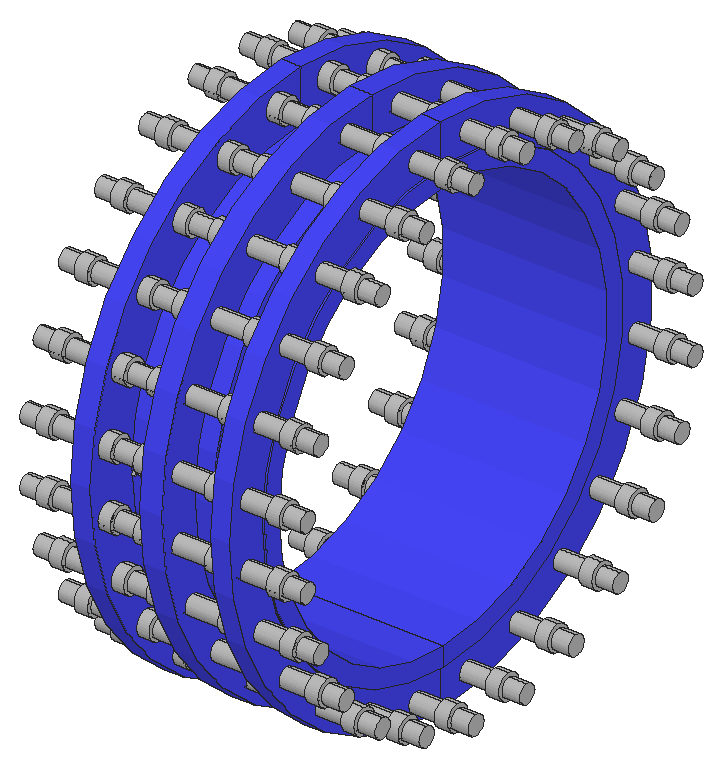
Revit family "265-91-001 DN700-800", category Pipe Accessories, Revit 2022
Family settings
  Round Connector Dimension = Use Diameter
  Part Type = Valve - Breaks Into
  Work Plane-Based = No
  Always vertical = Yes
  Cut with Voids When Loaded = No
  Shared = No
Parameters (values of type "DN800_PN16")
  raised_R = D * 0.85  # 435.625 mm
  offset = S11 - S  # 12.6 mm
  URL_product_pages = "https://www.avkvalves.com/P.aspx?no=265900401014036400"
  T1 = FL_T * 0.75  # 32.25 mm
  T = FL_T * 0.3  # 12.9 mm
  Search_table = "265-91-001 DN700-800"
  S11 = S * 1.35  # 48.6 mm
  S = size_lookup(Search_table, "S", 0 mm, DN)  # 36 mm
  Raised_dis = size_lookup(Search_table, "Raised_dis", 0 mm, DN)  # 5 mm
  PN = size_lookup(Search_table, "PN", 0 mm, DN)  # 16 mm
  PCD = size_lookup(Search_table, "PCD", 0 mm, DN) / 2  # 475 mm
  Nut_T = FL_T * 0.6  # 25.8 mm
  L3 = FL_T / 2  # 21.5 mm
  L2 = L * 0.065  # 35.425 mm
  L11 = size_lookup(Search_table, "L11", 0 mm, DN)  # 320 mm
  L1 = L11 * 0.68  # 217.6 mm
  FL_T/2 = FL_T / 2  # 21.5 mm
  L = size_lookup(Search_table, "L", 0 mm, DN)  # 545 mm
  FL_T = size_lookup(Search_table, "FL_T", 0 mm, DN)  # 43 mm
  Description_ = "AVK DISMANTLING JOINT WITH CENTRE FLANGE, PN10/16"
  Default Elevation = 0 mm
  DN800_PN10 = "265-9-0800-11-04036401"
  DN800_PN16 = "265-9-0800-10-14036400"
  DN700_PN10 = "265-9-0700-11-04036401"
  DN700_PN16 = "265-9-0700-10-14036400"
  DN = 800 mm
  D = size_lookup(Search_table, "D", 0 mm, DN) / 2  # 512.5 mm
  Bore = DN / 2  # 400 mm
  Bolt.no = size_lookup(Search_table, "Bolt.no", 0 mm, DN)  # 24 mm
  B1 = L * 0.08  # 43.6 mm
  25 = 25 mm  # constant formula
Types (5, lengths in mm): name | raised_R | offset | T1 | T | S11 | S | PN | PCD | Nut_T | L3 | L2 | L11 | L1 | FL_T/2 | L | FL_T | DN | D | Bore | B1
  (no name) | 435.625 | 12.6 | 32.25 | 12.9 | 48.6 | 36 | 16 | 475 | 25.8 | 21.5 | 35.425 | 320 | 217.6 | 21.5 | 545 | 43 | 800 | 512.5 | 400 | 43.6
  DN700_PN16 | 386.75 | 11.55 | 29.625 | 11.85 | 44.55 | 33 | 16 | 420 | 23.7 | 19.75 | 33.475 | 300 | 204 | 19.75 | 515 | 39.5 | 700 | 455 | 350 | 41.2
  DN700_PN10 | 380.375 | 9.45 | 26.25 | 10.5 | 36.45 | 27 | 10 | 420 | 21 | 17.5 | 27.95 | 260 | 176.8 | 17.5 | 430 | 35 | 700.1 | 447.5 | 350.05 | 34.4
  DN800_PN16 | 435.625 | 12.6 | 32.25 | 12.9 | 48.6 | 36 | 16 | 475 | 25.8 | 21.5 | 35.425 | 320 | 217.6 | 21.5 | 545 | 43 | 800 | 512.5 | 400 | 43.6
  DN800_PN10 | 431.375 | 10.5 | 28.125 | 11.25 | 40.5 | 30 | 10 | 475 | 22.5 | 18.75 | 31.2 | 290 | 197.2 | 18.75 | 480 | 37.5 | 800.1 | 507.5 | 400.05 | 38.4
Reference planes
  plane 1 "Center (Front/Back)": y = 0
  plane 2: z = 0
  plane 3 "Center (Left/Right)": x = 0
  plane 4: z = 512.5
  plane 5: z = -512.5
  plane 6: x = -160
  plane 7: x = 160
  plane 8: x = -160
  plane 9: x = 160
  plane 10: z = 400
  plane 11: y = 475
  plane 12: y = -475
  plane 13: z = 475
  plane 14: z = -475
  plane 15: x = -272.5
  plane 16: x = 272.5
  plane 17: x = 117
  plane 18: x = -237.075
  plane 19: x = 237.075
  plane 20: x = -117
  plane 21: x = -21.5
  plane 22: x = -211.275
  plane 23: x = -91.2
  plane 24: x = -47.3
  plane 25: x = 91.2
  plane 26: x = 211.275
  plane 27: z = 0
  plane 28: z = 0
  plane 29: y = 0.002
  plane 30: z = 0
  plane 31: y = 0
  plane 32: z = 320
  plane 33: z = 225
  plane 34: z = 292.5
  plane 35: z = 0
  plane 36: z = 0
  plane 37: through (4267.2, -250.34, 32.958) normal (0, 0.1305, 0.9914)
  plane 38: through (4267.2, -250.34, -32.958) normal (0, -0.1305, 0.9914)
  plane 39: through (0, 0, 0) normal (0, 0.2588, -0.9659)
  plane 40: through (4267.2, -233.28, -96.628) normal (0, -0.3827, 0.9239)
  plane 41: through (0, 0, 0) normal (0, 0.5, -0.866)
  plane 42: through (4267.2, -200.322, -153.712) normal (0, -0.6088, 0.7934)
  plane 43: through (0, 0, 0) normal (0, 0.7071, -0.7071)
  plane 44: through (4267.2, -153.712, -200.322) normal (0, -0.7934, 0.6088)
  plane 45: through (0, 0, 0) normal (0, 0.866, -0.5)
  plane 46: through (4267.2, -96.628, -233.28) normal (0, -0.9239, 0.3827)
  plane 47: through (0, 0, 0) normal (0, 0.9659, -0.2588)
  plane 48: through (4267.2, -32.958, -250.34) normal (0, -0.9914, 0.1305)
  plane 49: through (4267.2, 250.34, -32.958) normal (0, -0.1305, -0.9914)
  plane 50: through (0, 0, 0) normal (0, 0.2588, 0.9659)
  plane 51: through (4267.2, 233.28, -96.628) normal (0, -0.3827, -0.9239)
  plane 52: through (0, 0, 0) normal (0, 0.5, 0.866)
  plane 53: through (4267.2, 200.322, -153.712) normal (0, -0.6088, -0.7934)
  plane 54: through (0, 0, 0) normal (0, 0.7071, 0.7071)
  plane 55: through (4267.2, 153.712, -200.322) normal (0, -0.7934, -0.6088)
  plane 56: through (0, 0, 0) normal (0, 0.866, 0.5)
  plane 57: through (4267.2, 96.628, -233.28) normal (0, -0.9239, -0.3827)
  plane 58: through (0, 0, 0) normal (0, 0.9659, 0.2588)
  plane 59: through (4267.2, 32.958, -250.34) normal (0, -0.9914, -0.1305)
Forms (mm)
  Revolve 1, solid, material "Laminate, Blue, Matte"
    sketch origin (0, 0, 0) x (1, 0, 0) y (0, 0, 1)
      loop
        line (-160, 435.625) -> (-160, 400) -> (160, 400) -> (160, 435.625) -> (155, 435.625) -> (155, 512.5) -> (117, 512.5) -> (117, 412.9) -> (-117, 412.9) -> (-117, 512.5) -> (-155, 512.5) -> (-155, 435.625) -> (-160, 435.625)
      axis (-160, 0) -> (160, 0)
    angle from 0 to 360
  Revolve 2, solid, material "Laminate, Blue, Matte"
    sketch origin (0, 0, 0) x (1, 0, 0) y (0, 0, 1)
      loop
        line (-21.5, 512.5) -> (-21.5, 412.9) -> (57.6, 412.9) -> (57.6, 432.25) -> (21.5, 432.25) -> (21.5, 512.5) -> (-21.5, 512.5)
      axis (-21.5, 0) -> (57.6, 0)
    angle from 0 to 360
  Extrusion 3, solid, material "Stainless Steel AISI 304"
    sketch origin (-237.075, -1524, 188.585) x (0, 0, 1) y (0, -1, 0)
      loop
        circle (282.352, -1586) r 24.3
      loop
        circle (282.352, -1462) r 24.3
      loop
        circle (250.258, -1342.225) r 24.3
      loop
        circle (188.258, -1234.838) r 24.3
      loop
        circle (100.577, -1147.157) r 24.3
      loop
        circle (250.258, -1705.775) r 24.3
      loop
        circle (188.258, -1813.162) r 24.3
      loop
        circle (100.577, -1900.843) r 24.3
      loop
        circle (-6.81, -1962.843) r 24.3
      loop
        circle (-126.585, -1994.936) r 24.3
      loop
        circle (-6.81, -1085.157) r 24.3
      loop
        circle (-126.585, -1053.064) r 24.3
      loop
        circle (-250.585, -1053.064) r 24.3
      loop
        circle (-370.359, -1085.157) r 24.3
      loop
        circle (-477.746, -1147.157) r 24.3
      loop
        circle (-565.428, -1234.838) r 24.3
      loop
        circle (-627.427, -1342.225) r 24.3
      loop
        circle (-659.521, -1462) r 24.3
      loop
        circle (-659.521, -1586) r 24.3
      loop
        circle (-627.427, -1705.775) r 24.3
      loop
        circle (-565.428, -1813.162) r 24.3
      loop
        circle (-477.746, -1900.843) r 24.3
      loop
        circle (-370.359, -1962.843) r 24.3
      loop
        circle (-250.585, -1994.936) r 24.3
    from 145.875 to 120.075
  Extrusion 4, solid, material "Stainless Steel AISI 304"
    sketch origin (-237.075, -1524, 188.585) x (0, 0, 1) y (0, -1, 0)
      loop
        circle (-250.585, -1994.936) r 24.3
      loop
        circle (-370.359, -1962.843) r 24.3
      loop
        circle (-477.746, -1900.843) r 24.3
      loop
        circle (-565.428, -1813.162) r 24.3
      loop
        circle (-627.427, -1705.775) r 24.3
      loop
        circle (-659.521, -1586) r 24.3
      loop
        circle (-250.585, -1053.064) r 24.3
      loop
        circle (-370.359, -1085.157) r 24.3
      loop
        circle (-477.746, -1147.157) r 24.3
      loop
        circle (-565.428, -1234.838) r 24.3
      loop
        circle (-627.427, -1342.225) r 24.3
      loop
        circle (-659.521, -1462) r 24.3
      loop
        circle (-126.585, -1994.936) r 24.3
      loop
        circle (-6.81, -1962.843) r 24.3
      loop
        circle (100.577, -1900.843) r 24.3
      loop
        circle (188.258, -1813.162) r 24.3
      loop
        circle (250.258, -1705.775) r 24.3
      loop
        circle (282.352, -1586) r 24.3
      loop
        circle (-126.585, -1053.064) r 24.3
      loop
        circle (-6.81, -1085.157) r 24.3
      loop
        circle (100.577, -1147.157) r 24.3
      loop
        circle (188.258, -1234.838) r 24.3
      loop
        circle (250.258, -1342.225) r 24.3
      loop
        circle (282.352, -1462) r 24.3
    from 448.35 to 474.15
  Extrusion 5, solid, material "Stainless Steel AISI 304"
    sketch origin (-237.075, -1524, 188.585) x (0, 0, 1) y (0, -1, 0)
      loop
        circle (-126.585, -1053.064) r 18
      loop
        circle (-250.585, -1994.936) r 18
      loop
        circle (-6.81, -1085.157) r 18
      loop
        circle (100.577, -1147.157) r 18
      loop
        circle (188.258, -1234.838) r 18
      loop
        circle (250.258, -1342.225) r 18
      loop
        circle (282.352, -1462) r 18
      loop
        circle (-250.585, -1053.064) r 18
      loop
        circle (-370.359, -1085.157) r 18
      loop
        circle (-477.746, -1147.157) r 18
      loop
        circle (-565.428, -1234.838) r 18
      loop
        circle (-627.427, -1342.225) r 18
      loop
        circle (-659.521, -1462) r 18
      loop
        circle (282.352, -1586) r 18
      loop
        circle (250.258, -1705.775) r 18
      loop
        circle (188.258, -1813.162) r 18
      loop
        circle (100.577, -1900.843) r 18
      loop
        circle (-6.81, -1962.843) r 18
      loop
        circle (-126.585, -1994.936) r 18
      loop
        circle (-370.359, -1962.843) r 18
      loop
        circle (-477.746, -1900.843) r 18
      loop
        circle (-565.428, -1813.162) r 18
      loop
        circle (-627.427, -1705.775) r 18
      loop
        circle (-659.521, -1586) r 18
    from -35.425 to 509.575
  Extrusion 6, solid, material "Stainless Steel AISI 304"
    sketch origin (-91.2, -1524, 361.786) x (0, 0, 1) y (0, -1, 0)
      loop
        circle (-423.786, -1053.064) r 24.3
      loop
        circle (-543.561, -1085.157) r 24.3
      loop
        circle (-650.948, -1147.157) r 24.3
      loop
        circle (-738.629, -1234.838) r 24.3
      loop
        circle (-800.629, -1342.225) r 24.3
      loop
        circle (-832.723, -1462) r 24.3
      loop
        circle (-832.723, -1586) r 24.3
      loop
        circle (-800.629, -1705.775) r 24.3
      loop
        circle (-738.629, -1813.162) r 24.3
      loop
        circle (-650.948, -1900.843) r 24.3
      loop
        circle (-543.561, -1962.843) r 24.3
      loop
        circle (-423.786, -1994.936) r 24.3
      loop
        circle (-299.786, -1994.936) r 24.3
      loop
        circle (-180.012, -1962.843) r 24.3
      loop
        circle (-72.625, -1900.843) r 24.3
      loop
        circle (15.057, -1813.162) r 24.3
      loop
        circle (77.057, -1705.775) r 24.3
      loop
        circle (109.15, -1586) r 24.3
      loop
        circle (109.15, -1462) r 24.3
      loop
        circle (77.057, -1342.225) r 24.3
      loop
        circle (15.057, -1234.838) r 24.3
      loop
        circle (-72.625, -1147.157) r 24.3
      loop
        circle (-180.012, -1085.157) r 24.3
      loop
        circle (-299.786, -1053.064) r 24.3
    from -145.875 to -120.075
  Extrusion 7, solid, material "Stainless Steel AISI 304"
    sketch origin (-91.2, -1524, 361.786) x (0, 0, 1) y (0, -1, 0)
      loop
        circle (109.15, -1462) r 24.3
      loop
        circle (109.15, -1586) r 24.3
      loop
        circle (77.057, -1705.775) r 24.3
      loop
        circle (15.057, -1813.162) r 24.3
      loop
        circle (-72.625, -1900.843) r 24.3
      loop
        circle (-180.012, -1962.843) r 24.3
      loop
        circle (-299.786, -1994.936) r 24.3
      loop
        circle (-423.786, -1994.936) r 24.3
      loop
        circle (-543.561, -1962.843) r 24.3
      loop
        circle (-650.948, -1900.843) r 24.3
      loop
        circle (-738.629, -1813.162) r 24.3
      loop
        circle (-800.629, -1705.775) r 24.3
      loop
        circle (-832.723, -1586) r 24.3
      loop
        circle (-832.723, -1462) r 24.3
      loop
        circle (-800.629, -1342.225) r 24.3
      loop
        circle (-738.629, -1234.838) r 24.3
      loop
        circle (-650.948, -1147.157) r 24.3
      loop
        circle (-543.561, -1085.157) r 24.3
      loop
        circle (-423.786, -1053.064) r 24.3
      loop
        circle (-299.786, -1053.064) r 24.3
      loop
        circle (-180.012, -1085.157) r 24.3
      loop
        circle (-72.625, -1147.157) r 24.3
      loop
        circle (15.057, -1234.838) r 24.3
      loop
        circle (77.057, -1342.225) r 24.3
    from 43.9 to 69.7
  Extrusion 8, solid, material "Stainless Steel AISI 304"
    sketch origin (-91.2, -1524, 361.786) x (0, 0, 1) y (0, -1, 0)
      loop
        circle (-423.786, -1053.064) r 24.3
      loop
        circle (-299.786, -1053.064) r 24.3
      loop
        circle (-543.561, -1085.157) r 24.3
      loop
        circle (-650.948, -1147.157) r 24.3
      loop
        circle (-738.629, -1234.838) r 24.3
      loop
        circle (-800.629, -1342.225) r 24.3
      loop
        circle (-832.723, -1462) r 24.3
      loop
        circle (-832.723, -1586) r 24.3
      loop
        circle (-800.629, -1705.775) r 24.3
      loop
        circle (-650.948, -1900.843) r 24.3
      loop
        circle (-738.629, -1813.162) r 24.3
      loop
        circle (-543.561, -1962.843) r 24.3
      loop
        circle (-423.786, -1994.936) r 24.3
      loop
        circle (-299.786, -1994.936) r 24.3
      loop
        circle (-180.012, -1962.843) r 24.3
      loop
        circle (-72.625, -1900.843) r 24.3
      loop
        circle (15.057, -1813.162) r 24.3
      loop
        circle (77.057, -1705.775) r 24.3
      loop
        circle (109.15, -1586) r 24.3
      loop
        circle (109.15, -1462) r 24.3
      loop
        circle (77.057, -1342.225) r 24.3
      loop
        circle (15.057, -1234.838) r 24.3
      loop
        circle (-72.625, -1147.157) r 24.3
      loop
        circle (-180.012, -1085.157) r 24.3
    from 182.4 to 208.2
Dimensions and locks
  equal spacing: plane 4, level, plane 5
  "D": plane 4 to level
  equal spacing: plane 7, plane 3 "Center (Left/Right)", plane 6
  "L11": plane 7 to plane 6
  equal spacing: plane 9, plane 3 "Center (Left/Right)", plane 8
  "L11": plane 9 to plane 8
  "Bore": plane 10 to level
  equal spacing: Revolve 1 sketch curve, plane 3 "Center (Left/Right)", Revolve 1 sketch curve  (x3)
  "T": Revolve 1 sketch curve to plane 10
  "Raised_dis": Revolve 1 sketch curve to plane 6
  "FL_T": Revolve 1 sketch curve to plane 6
  "T1": Revolve 2 sketch curve to plane 10
  "T": Revolve 2 sketch curve to plane 10
  "L1": Revolve 2 sketch curve to plane 6
  equal spacing: Revolve 2 sketch curve, plane 3 "Center (Left/Right)", Revolve 2 sketch curve
  "FL_T/2": plane 3 "Center (Left/Right)" to Revolve 2 sketch curve
  equal spacing: plane 11, plane 1 "Center (Front/Back)", plane 12
  equal spacing: plane 13, level, plane 14
  "PCD": plane 13 to level
  "PCD": plane 11 to plane 1 "Center (Front/Back)"
  equal spacing: plane 16, plane 3 "Center (Left/Right)", plane 15
  "L": plane 16 to plane 15
  "FL_T": plane 9 to plane 17
  "L2": plane 18 to plane 15
  equal spacing: plane 19, plane 3 "Center (Left/Right)", plane 18
  "FL_T": plane 20 to plane 8
  "FL_T/2": plane 3 "Center (Left/Right)" to plane 21
  "raised_R": Revolve 1 sketch curve to level
  "Nut_T": plane 22 to plane 18
  "Nut_T": plane 23 to plane 20
  "Nut_T": plane 21 to plane 24
  "Nut_T": plane 17 to plane 25
  "Nut_T": plane 19 to plane 26
  plane 16 to plane 15 = 545 mm
  plane 4 to plane 5 = 1025 mm  (x2)
  equal spacing: Extrusion 4 sketch curve, plane 59, Extrusion 4 sketch curve  (x3)
  equal spacing: Extrusion 4 sketch curve, plane 57, Extrusion 4 sketch curve  (x3)
  equal spacing: Extrusion 4 sketch curve, plane 55, Extrusion 4 sketch curve  (x3)
  equal spacing: Extrusion 4 sketch curve, plane 53, Extrusion 4 sketch curve  (x3)
  equal spacing: Extrusion 4 sketch curve, plane 51, Extrusion 4 sketch curve  (x3)
  equal spacing: Extrusion 4 sketch curve, plane 37, Extrusion 4 sketch curve
  equal spacing: Extrusion 4 sketch curve, plane 38, Extrusion 4 sketch curve  (x3)
  equal spacing: Extrusion 4 sketch curve, plane 40, Extrusion 4 sketch curve  (x3)
  equal spacing: Extrusion 4 sketch curve, plane 42, Extrusion 4 sketch curve  (x3)
  equal spacing: Extrusion 4 sketch curve, plane 44, Extrusion 4 sketch curve  (x3)
  equal spacing: Extrusion 4 sketch curve, plane 46, Extrusion 4 sketch curve  (x3)
  equal spacing: Extrusion 4 sketch curve, plane 48, Extrusion 4 sketch curve  (x3)
  equal spacing: Extrusion 4 sketch curve, plane 49, Extrusion 4 sketch curve  (x2)
  "PCD": plane 49 to Extrusion 4 sketch curve
  "PCD": Extrusion 4 sketch curve to plane 51
  "PCD": Extrusion 4 sketch curve to plane 55
  "PCD": plane 53 to Extrusion 4 sketch curve
  "PCD": Extrusion 4 sketch curve to plane 59
  "PCD": plane 57 to Extrusion 4 sketch curve
  "PCD": plane 38 to Extrusion 4 sketch curve
  "PCD": Extrusion 4 sketch curve to plane 40
  "PCD": plane 42 to Extrusion 4 sketch curve
  Extrusion 4 sketch curve to plane 44 = 475 mm
  "PCD": plane 46 to Extrusion 4 sketch curve
  "PCD": Extrusion 4 sketch curve to plane 44
  "PCD": plane 48 to Extrusion 4 sketch curve
  equal spacing: Extrusion 5 sketch curve, plane 49, Extrusion 5 sketch curve  (x2)
  "PCD": Extrusion 5 sketch curve to plane 48
  equal spacing: Extrusion 5 sketch curve, plane 59, Extrusion 5 sketch curve  (x2)
  equal spacing: Extrusion 5 sketch curve, plane 57, Extrusion 5 sketch curve  (x2)
  equal spacing: Extrusion 5 sketch curve, plane 55, Extrusion 5 sketch curve  (x2)
  equal spacing: Extrusion 5 sketch curve, plane 53, Extrusion 5 sketch curve  (x2)
  equal spacing: Extrusion 5 sketch curve, plane 51, Extrusion 5 sketch curve  (x2)
  "PCD": plane 38 to Extrusion 5 sketch curve
  "PCD": Extrusion 5 sketch curve to plane 40
  "PCD": plane 42 to Extrusion 5 sketch curve
  "PCD": Extrusion 5 sketch curve to plane 44
  "PCD": plane 46 to Extrusion 5 sketch curve
  equal spacing: Extrusion 5 sketch curve, plane 48, Extrusion 5 sketch curve  (x2)
  equal spacing: Extrusion 5 sketch curve, plane 46, Extrusion 5 sketch curve  (x2)
  equal spacing: Extrusion 5 sketch curve, plane 44, Extrusion 5 sketch curve  (x2)
  equal spacing: Extrusion 5 sketch curve, plane 42, Extrusion 5 sketch curve  (x2)
  equal spacing: Extrusion 5 sketch curve, plane 40, Extrusion 5 sketch curve  (x2)
  equal spacing: Extrusion 5 sketch curve, plane 38, Extrusion 5 sketch curve  (x2)
  "PCD": Extrusion 5 sketch curve to plane 49
  "PCD": plane 51 to Extrusion 5 sketch curve
  "PCD": Extrusion 5 sketch curve to plane 53
  "PCD": plane 55 to Extrusion 5 sketch curve
  "PCD": Extrusion 5 sketch curve to plane 57
  "PCD": plane 59 to Extrusion 5 sketch curve
  "PCD": Extrusion 5 sketch curve to plane 59
  "PCD": plane 57 to Extrusion 5 sketch curve
  "PCD": Extrusion 5 sketch curve to plane 55
  "PCD": Extrusion 5 sketch curve to plane 51
  "PCD": plane 49 to Extrusion 5 sketch curve
  "PCD": plane 53 to Extrusion 5 sketch curve
  "PCD": plane 48 to Extrusion 5 sketch curve
  "PCD": Extrusion 5 sketch curve to plane 46
  "PCD": plane 44 to Extrusion 5 sketch curve
  "PCD": Extrusion 5 sketch curve to plane 42
  "PCD": plane 40 to Extrusion 5 sketch curve
  "PCD": Extrusion 5 sketch curve to plane 38
  "S11": diameter of Extrusion 4 sketch curve  (x24)
  "S": diameter of Extrusion 5 sketch curve  (x24)
  diameter of Extrusion 5 = 36 mm
  aligned and locked: level to plane 2
  aligned and locked: Revolve 1 sketch curve to level
  aligned and locked: Revolve 1 sketch curve to Revolve 1 sketch curve  (x2)
  aligned and locked: plane 10 to Revolve 1 sketch curve
  aligned and locked: plane 6 to Revolve 1 sketch curve
  aligned and locked: Revolve 1 sketch curve to plane 4
  aligned and locked: Revolve 2 sketch curve to plane 4
  aligned and locked: plane 23 to Extrusion 3
  aligned and locked: Extrusion 3 to plane 20
  aligned and locked: Extrusion 4 to plane 19
  aligned and locked: Extrusion 4 to plane 26
  aligned and locked: Extrusion 3 sketch curve to Extrusion 4  (x48)
  aligned and locked: Extrusion 5 to plane 15
  aligned and locked: Extrusion 5 to plane 16
  aligned and locked: Extrusion 6 sketch curve to Extrusion 4  (x48)
  aligned and locked: Extrusion 6 to plane 18
  aligned and locked: Extrusion 6 to plane 22
  aligned and locked: Extrusion 7 sketch curve to Extrusion 4  (x48)
  aligned and locked: Extrusion 7 to plane 24
  aligned and locked: Extrusion 7 to Revolve 2
  aligned and locked: Extrusion 8 sketch curve to Extrusion 4  (x48)
  aligned and locked: Extrusion 8 to Revolve 1
  aligned and locked: Extrusion 8 to plane 25
Automatic sketch dimensions
  Revolve 1 sketch curve to plane 6 = 5.606 mm
  Revolve 1 sketch curve to plane 7 = 4.556 mm
  Revolve 2 sketch curve to level = 0 mm
  plane 18 to Revolve 2 sketch curve = 6.103 mm
  Revolve 2 sketch curve to plane 7 = 1.915 mm
Nested families
  nested 1: "logo medium-11" at (-82.597, -412.844, -6.817) x (1, 0, 0) z (0, -0.9999, -0.0165), type "logo medium-11"
Connectors
  piping at (160, 0, 0), diameter 800, driven by "DN"
    settings: on Revolve 1, index 1, connector inside diameter 609.6 mm, connector length 0 mm, flow factor 0, pipe flow 0.0 L/s, pressure drop 0.0 Pa, fitting loss kfactor 0, connector angle 0.00°, fixture units 0, engagement length 0 mm, angle of deflection 0.00°, flow configuration 0, flow direction 0, fitting loss method 0, system type 7, joint type 0, gender type 0, connector reference index -1, connector utility 0, adjustable connector no, is connector primary yes, connector description ""
  piping at (-160, 0, 0), diameter 800, driven by "DN"
    settings: on Revolve 1, index 2, connector inside diameter 609.6 mm, connector length 0 mm, flow factor 0, pipe flow 0.0 L/s, pressure drop 0.0 Pa, fitting loss kfactor 0, connector angle 0.00°, fixture units 0, engagement length 0 mm, angle of deflection 0.00°, flow configuration 0, flow direction 0, fitting loss method 0, system type 7, joint type 0, gender type 0, connector reference index -1, connector utility 0, adjustable connector no, is connector primary no, connector description ""
Definition of nested family "logo medium-11"
  Parameters
    Default Elevation = 1219.2 mm
  Reference planes
    plane 1 "Center (Front/Back)": y = 0
    plane 2: z = 0
    plane 3 "Center (Left/Right)": x = 0
  Forms (mm)
    Extrusion 1, solid
      sketch origin (0, 0, 0) x (1, 0, 0) y (0, 1, 0)
        loop
          line (-1219.2, 1219.2) -> (-1219.2, -1219.2) -> (1219.2, -1219.2) -> (1219.2, 1219.2) -> (-1219.2, 1219.2)
      from 0 to -188.781
    Extrusion 2, solid
      sketch origin (0, 0, 0) x (1, 0, 0) y (0, 1, 0)
        loop
          line (-30.911, 14.607) -> (-12.952, 14.607) -> (-3.438, -8.594) -> (3.26, -8.594) -> (12.676, 14.607) -> (30.732, 14.607) -> (30.732, 20.529) -> (7.968, 20.529) -> (0, 0) -> (-8.195, 20.529) -> (-30.911, 20.529) -> (-30.911, 14.607)
        loop
          line (30.732, 6.453) -> (30.732, 12.569) -> (24.908, 12.569)
          arc (24.908, 12.569) -> (22.993, 7.075) -> (17.724, 4.608) r 7.492
          line (17.724, 4.608) -> (20.928, 12.569) -> (14.521, 12.569) -> (5.881, -8.594) -> (12.434, -8.594) -> (15.777, -0.405) -> (21.354, -8.594) -> (29.424, -8.594) -> (22.319, 0.649)
          arc (22.319, 0.649) -> (26.344, 2.972) -> (29.424, 6.453) r 14.456
          line (29.424, 6.453) -> (30.732, 6.453)
        loop
          line (-5.865, -8.594) -> (-14.796, 12.569) -> (-30.911, 12.569) -> (-30.911, 6.453) -> (-25.086, 6.453) -> (-30.911, -8.594) -> (-25.086, -8.594) -> (-23.728, -5.084) -> (-13.656, -5.084) -> (-12.175, -8.594) -> (-5.865, -8.594)
        loop
          line (-18.776, 7.618) -> (-21.494, 0) -> (-15.961, 0) -> (-18.776, 7.618)
      from 0 to 2
  Dimensions and locks
    aligned and locked: plane 2 to Extrusion 1
    aligned and locked: level to Extrusion 1
    aligned and locked: Extrusion 2 sketch curve to import instance  (x36)
